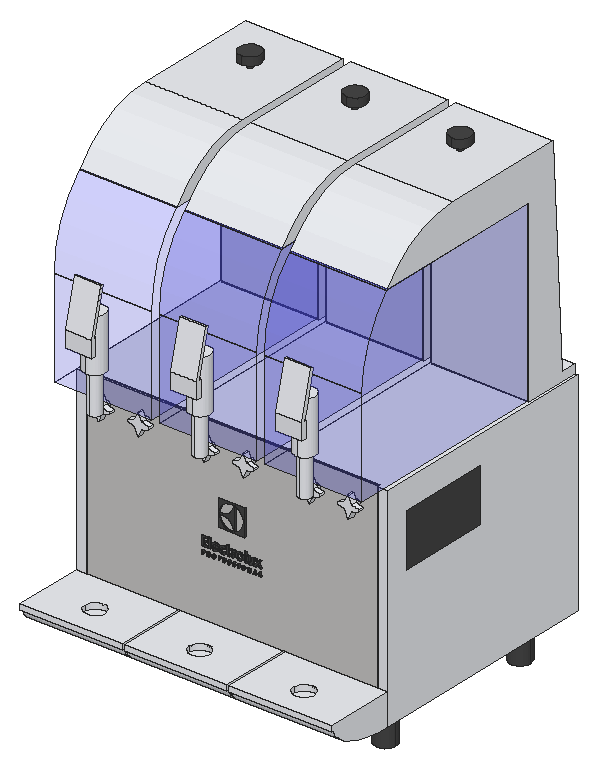
Revit family "QF_ELECTROLUXPROFESSIONAL_562512_IPRO3ER290", category Attrezzature speciali, Revit 2020
Family settings
  Quota connettore circolare = Usa diametro
  Tipo di parte = Normale
  Basato su piano di lavoro = No
  Sempre verticale = Sì
  Taglio con vuoti quando caricato = No
  Condiviso = No
  Punto di calcolo locali = No
Parameters (values of type "Standard")
  Weight = 81.00 kg
  Watts = 1250 W
  Volts = 220 V
  URL Manufacturer = "https://www.electroluxprofessional.com/"
  URL = "https://www.electroluxprofessional.com/"
  Steam Supply Size = 0 mm
  Steam Supply Minimum Pressure = 0.0 Pa
  Steam Supply Maximum Pressure = 0.0 Pa
  Steam Consumption per Hour = 0
  Show Logo [instance] = yes
  Show Clearance [instance] = yes
  Refrigeration Suction Line Size = 0 mm
  Refrigeration Liquid Line Size = 0 mm
  Refrigerant Compressor Remote = yes
  Prospetto di default = 0 mm
  Produttore = "Electrolux Professional"
  Phase = 1
  Modello = "IPRO3ER290"
  Length Actual = 600 mm  # constant formula
  Item Number = "562512"
  Hot Water Size = 0 mm
  Height Actual = 870 mm  # constant formula
  HP = "1.7 HP"
  Gas Size = 0 mm
  Gas KW = 0
  Gas Input Pressure = 0 W
  Direct Waste Size = 0 mm
  Descrizione = "3X11 LT BOWL - FROZEN GRANITA DISPENSER - ELECTRONIC CONTROL - 3 INSULATED BOWLS - WHITE, R290"
  Depth Actual = 580 mm  # constant formula
  Cycle = 50 Hz
  Condensate Return Size = 0 mm
  Compressed Air Volume = 0.0 L/s
  Compressed Air Size = 0 mm
  Compressed Air Pressure = 0.0 Pa
  Cold Water Size = 0 mm
  Accessory = yes
Reference planes
  plane 1: z = 0
  plane 2 "LEFT": x = -300
  plane 3 "BACK": y = 282.5
  plane 4 "FRONT": y = -301.5
  plane 5: z = 873
  plane 6 "RIGHT": x = 300
  plane 7: y = -282.5
  plane 8: z = 445
  plane 9: z = 677.97
  plane 10: z = 110
  plane 11: z = 900
  plane 12: x = -0.5
  plane 13: x = -0.5
Forms (mm)
  Extrusion 1, solid, material "QF_Finishes_White"
    sketch origin (0, 0, 0) x (1, 0, 0) y (0, 1, 0)
      loop
        line (-296.5, 282.5) -> (-296.5, -167.5) -> (-276.5, -167.5) -> (-276.5, -162.5) -> (276.5, -162.5) -> (276.5, -167.5) -> (296.5, -167.5) -> (296.5, 282.5) -> (-296.5, 282.5)
    from 50 to 453
  Extrusion 2, solid, material "QF_Finishes_Stainless Steel"
    sketch origin (0, 0, 0) x (1, 0, 0) y (0, 1, 0)
      loop
        line (276, -163) -> (-276, -163) -> (-276, -167.5) -> (276, -167.5) -> (276, -163)
    from 110 to 453
  Extrusion 3, solid, material "QF_Finishes_Stainless Steel"
    sketch origin (-151.596, -267.273, 48) x (0, -1, 0) y (1, 0, 0)
      loop
        line (-163.023, 407.596) -> (-163.023, 427.596) -> (-183.023, 427.596) -> (-183.023, 407.596) -> (-163.023, 407.596)
    from 0 to 2
Dimensions and locks
  plane 3 "BACK" to plane 4 "FRONT" = 584 mm  (x2)
  plane 5 to level = 873 mm  (x2)
  plane 2 "LEFT" to plane 6 "RIGHT" = 600 mm
  plane 3 "BACK" to plane 7 = 565 mm
  plane 9 to plane 8 = 232.97 mm
  level to plane 11 = 900 mm
  plane 10 to level = 110 mm
  plane 8 to plane 10 = 335 mm
  plane 6 "RIGHT" to plane 2 "LEFT" = 600 mm
  plane 2 "LEFT" to plane 12 = 299.5 mm
  plane 2 "LEFT" to plane 13 = 299.5 mm
  nested 5 to nested 9 = 200 mm
  nested 9 to nested 17 = 200 mm
  aligned and locked: level to plane 1
Nested families
  nested 1: "BOCCHETTONE BEVERAGE" at (-200.5, -260.625, 445), type "BOCCHETTONE BEVERAGE"
  nested 2: "MANOPOLA BEVERAGE" at (-238, -167.5, 413) x (0, 0, 1) z (0, -1, 0), type "MANOPOLA BEVERAGE"
  nested 3: "MANOPOLA BEVERAGE" at (-163, -167.5, 413) x (0, 0, 1) z (0, -1, 0), type "MANOPOLA BEVERAGE"
  nested 4: "MANOPOLA APERTURA BEVERAGE " at (-200.5, 125, 873) x (0, 1, 0) z (0, 0, 1), type "MANOPOLA APERTURA BEVERAGE "
  nested 5: "PORTAGRANITE BEVERAGE" at (-200.5, 28.972, 453), type "PORTAGRANITE BEVERAGE"
  nested 6: "VASCHETTA BEVERAGE" at (-199.25, -167.5, 80) x (1, 0, 0) z (0, -1, 0), type "VASCHETTA BEVERAGE"
  nested 7: "VASCHETTA BEVERAGE" at (-0.5, -167.5, 80) x (-1, 0, 0) z (0, -1, 0), type "VASCHETTA BEVERAGE"
  nested 8: "MANOPOLA APERTURA BEVERAGE " at (-0.5, 125, 873) x (0, 1, 0) z (0, 0, 1), type "MANOPOLA APERTURA BEVERAGE "
  nested 9: "PORTAGRANITE BEVERAGE" at (-0.5, 28.972, 453) x (-1, 0, 0) z (0, 0, 1), type "PORTAGRANITE BEVERAGE"
  nested 10: "BOCCHETTONE BEVERAGE" at (-0.5, -260.625, 445), type "BOCCHETTONE BEVERAGE"
  nested 11: "MANOPOLA BEVERAGE" at (-38, -167.5, 413) x (0, 0, 1) z (0, -1, 0), type "MANOPOLA BEVERAGE"
  nested 12: "MANOPOLA BEVERAGE" at (37, -167.5, 413) x (0, 0, 1) z (0, -1, 0), type "MANOPOLA BEVERAGE"
  nested 13: "BOCCHETTONE BEVERAGE" at (199.5, -260.625, 445) x (-1, 0, 0) z (0, 0, 1), type "BOCCHETTONE BEVERAGE"
  nested 14: "MANOPOLA BEVERAGE" at (237, -167.5, 413) x (0, 0, 1) z (0, -1, 0), type "MANOPOLA BEVERAGE"
  nested 15: "MANOPOLA BEVERAGE" at (162, -167.5, 413) x (0, 0, 1) z (0, -1, 0), type "MANOPOLA BEVERAGE"
  nested 16: "MANOPOLA APERTURA BEVERAGE " at (199.5, 125, 873) x (0, 1, 0) z (0, 0, 1), type "MANOPOLA APERTURA BEVERAGE "
  nested 17: "PORTAGRANITE BEVERAGE" at (199.5, 28.972, 453) x (-1, 0, 0) z (0, 0, 1), type "PORTAGRANITE BEVERAGE"
  nested 18: "VASCHETTA BEVERAGE" at (198.25, -167.5, 80) x (-1, 0, 0) z (0, -1, 0), type "VASCHETTA BEVERAGE"
  nested 19: "ELXP_LOGO_ONLY_MEDIUM" at (-0.5, -167.5, 303) x (1, 0, 0) z (0, -1, 0), Show Logo <- "Show Logo", visible <- "Show Logo", type "ELXP_LOGO_ONLY_MEDIUM"
    with Show Logo yes
  nested 20: "ELX_LOGO_WORDS_MEDIUM" at (-0.5, -167.5, 238) x (1, 0, 0) z (0, -1, 0), visible <- "Show Logo", Show Logo <- "Show Logo", type "ELX_LOGO_WORDS_MEDIUM"
    with Show Logo yes
  nested 21: "Piedino 50x40 BEVERAGE" at (-266, 184.5, 0), type "Piedino 50x40 BEVERAGE"
    with H 150 mm
  nested 22: "Piedino 50x40 BEVERAGE" at (-266, -135.5, 0), type "Piedino 50x40 BEVERAGE"
    with H 150 mm
  nested 23: "Piedino 50x40 BEVERAGE" at (266, 184.5, 0), type "Piedino 50x40 BEVERAGE"
    with H 150 mm
  nested 24: "Piedino 50x40 BEVERAGE" at (266, -135.5, 0), type "Piedino 50x40 BEVERAGE"
    with H 150 mm
  nested 25: "SCHERMO BEVERAGE" at (296.5, -38, 350) x (0, -1, 0) z (1, 0, 0), type "SCHERMO BEVERAGE"
    with Show Logo yes
Connectors
  electrical at (266, -94.25, 48), driven by "Volts"
    settings: on Extrusion 3, index 73, voltage 220 V, apparent load 0 VA, apparent load phase1 0 VA, apparent load phase2 0 VA, apparent load phase3 0 VA, power factor 1, load classification "Altro", number of poles 1, system type 30, power factor state 1, is connector primary yes, connector utility no, sub classification motor no, connector description "Electrical Connection"
Definition of nested family "BOCCHETTONE BEVERAGE"
  Parameters (values of type "BOCCHETTONE BEVERAGE")
    Default Elevation = 1219.2 mm
  Reference planes
    plane 1 "Centro (Fronte/Retro)": y = 0
    plane 2: z = 0
    plane 3 "Centro (Sinistra/Destra)": x = 0
    plane 4: z = 233
    plane 5: y = -22
  Forms (mm)
    Extrusion 1, solid
      sketch origin (0, 0, 0) x (1, 0, 0) y (0, 1, 0)
        loop
          line (-1219.2, 1219.2) -> (-1219.2, -1219.2) -> (1219.2, -1219.2) -> (1219.2, 1219.2) -> (-1219.2, 1219.2)
      from 0 to -304.8
    Extrusion 2, solid
      sketch origin (0, 15.961, 0) x (0, -1, 0) y (1, 0, 0)
        loop
          circle (0, 0) r 12
      from 0 to 75
    Extrusion 3, solid
      sketch origin (0, 15.961, 75) x (0, -1, 0) y (1, 0, 0)
        loop
          circle (0, 0) r 20
      from 0 to 100
    Extrusion 4, void
      sketch origin (0, 0, 0) x (1, 0, 0) y (0, 1, 0)
        loop
          line (-27.179, -16.141) -> (-21.226, -10.188) -> (-6.226, -10.188) -> (-6.226, 12.684) -> (-27.179, 12.684) -> (-27.179, -16.141)
        loop
          line (27.179, -16.141) -> (27.179, 12.684) -> (6.226, 12.684) -> (6.226, -10.188) -> (21.226, -10.188) -> (27.179, -16.141)
      from 104.337 to 159.894
    Extrusion 5, solid
      sketch origin (25, 15.961, 29.221) x (0, -1, 0) y (0, 0, 1)
        loop
          line (11.922, 118.779) -> (11.922, 88.779) -> (37.961, 88.779) -> (37.961, 119.393) -> (16.929, 203.749) -> (12.077, 202.539) -> (32.961, 118.779) -> (11.922, 118.779)
      from 0 to 50
  Cuts and joins
    Extrusion 4 cuts Extrusion 5
    joined: Extrusion 3, Extrusion 5
  Dimensions and locks
    Extrusion 1 to plane 4 = 233 mm
    aligned and locked: plane 2 to Extrusion 1
    aligned and locked: level to Extrusion 1
Definition of nested family "MANOPOLA BEVERAGE"
  Parameters (values of type "MANOPOLA BEVERAGE")
    Default Elevation = 1219.2 mm
  Reference planes
    plane 1 "Centro (Fronte/Retro)": y = 0
    plane 2: z = 0
    plane 3 "Centro (Sinistra/Destra)": x = 0
    plane 4: z = 20
  Forms (mm)
    Extrusion 1, solid
      sketch origin (0, 0, 0) x (1, 0, 0) y (0, 1, 0)
        loop
          line (-1219.2, 1219.2) -> (-1219.2, -1219.2) -> (1219.2, -1219.2) -> (1219.2, 1219.2) -> (-1219.2, 1219.2)
      from 0 to -304.8
    Extrusion 2, solid
      sketch origin (0, 0, 10) x (1, 0, 0) y (0, 1, 0)
        loop
          line (-20, -1.333) -> (-6.314, -6.314) -> (-1.333, -20) -> (1.333, -20) -> (6.314, -6.314) -> (20, -1.333) -> (20, 1.333) -> (6.314, 6.314) -> (1.333, 20) -> (-1.333, 20) -> (-6.314, 6.314) -> (-20, 1.333) -> (-20, -1.333)
      from 0 to 10
    Extrusion 3, solid
      sketch origin (0, 0, 0) x (1, 0, 0) y (0, 1, 0)
        loop
          circle (0, 0) r 5
      from 0 to 10
  Dimensions and locks
    aligned and locked: plane 2 to Extrusion 1
    aligned and locked: level to Extrusion 1
Definition of nested family "MANOPOLA APERTURA BEVERAGE "
  Parameters (values of type "MANOPOLA APERTURA BEVERAGE ")
    Default Elevation = 1219.2 mm
  Reference planes
    plane 1 "Centro (Fronte/Retro)": y = 0
    plane 2: z = 0
    plane 3 "Centro (Sinistra/Destra)": x = 0
    plane 4: z = 27
  Forms (mm)
    Extrusion 1, solid
      sketch origin (0, 0, 0) x (1, 0, 0) y (0, 1, 0)
        loop
          line (-1219.2, 1219.2) -> (-1219.2, -1219.2) -> (1219.2, -1219.2) -> (1219.2, 1219.2) -> (-1219.2, 1219.2)
      from 0 to -304.8
    Extrusion 2, solid
      sketch origin (0, 0, 0) x (1, 0, 0) y (0, 1, 0)
        loop
          circle (0, 0) r 5
      from 0 to 12
    Extrusion 3, solid
      sketch origin (0, 0, 12) x (1, 0, 0) y (0, 1, 0)
        loop
          circle (0, 0) r 20
      from 0 to 15
  Dimensions and locks
    Extrusion 1 to plane 4 = 27 mm
    aligned and locked: plane 2 to Extrusion 1
    aligned and locked: level to Extrusion 1
Definition of nested family "PORTAGRANITE BEVERAGE"
  Parameters (values of type "PORTAGRANITE BEVERAGE")
    Default Elevation = 1219.2 mm
  Reference planes
    plane 1 "Centro (Fronte/Retro)": y = 0
    plane 2: z = 0
    plane 3 "Centro (Sinistra/Destra)": x = 0
    plane 4: z = 233
    plane 5: y = -36.472
    plane 6: z = 338
  Forms (mm)
    Extrusion 1, solid
      sketch origin (0, 0, 0) x (1, 0, 0) y (0, 1, 0)
        loop
          line (-1219.2, 1219.2) -> (-1219.2, -1219.2) -> (1219.2, -1219.2) -> (1219.2, 1219.2) -> (-1219.2, 1219.2)
      from 0 to -304.8
    Extrusion 2, solid
      sketch origin (-92.5, -28.972, -376) x (0, 1, 0) y (0, 0, 1)
        loop
          line (172.5, 716) -> (172.5, 376) -> (282.5, 376) -> (282.5, 393) -> (251.241, 393) -> (230.12, 796) -> (-7.5, 796)
          arc (-7.5, 796) -> (-94.678, 774.819) -> (-162.419, 716) r 190
          line (-162.419, 716) -> (172.5, 716)
      from 0 to 185
    Extrusion 3, solid
      sketch origin (-100, -28.972, -376) x (0, 1, 0) y (0, 0, 1)
        loop
          line (170.5, 378) -> (170.5, 714) -> (-164.355, 714)
          arc (-164.355, 714) -> (-209.023, 644.734) -> (-224.664, 563.812) r 217.164
          line (-224.664, 563.812) -> (-224.664, 378) -> (170.5, 378)
      from 7.5 to 192.5
  Dimensions and locks
    Extrusion 1 to plane 4 = 233 mm
    aligned and locked: plane 2 to Extrusion 1
    aligned and locked: level to Extrusion 1
Definition of nested family "VASCHETTA BEVERAGE"
  Parameters (values of type "VASCHETTA BEVERAGE")
    Default Elevation = 1219.2 mm
  Reference planes
    plane 1 "Centro (Fronte/Retro)": y = 0
    plane 2: z = 0
    plane 3 "Centro (Sinistra/Destra)": x = 0
  Forms (mm)
    Extrusion 1, solid
      sketch origin (0, 0, 0) x (1, 0, 0) y (0, 1, 0)
        loop
          line (-1219.2, 1219.2) -> (-1219.2, -1219.2) -> (1219.2, -1219.2) -> (1219.2, 1219.2) -> (-1219.2, 1219.2)
      from 0 to -304.8
    Extrusion 2, solid
      sketch origin (-97.5, -80, -167.5) x (0, 0, -1) y (0, 1, 0)
        loop
          line (-167.5, 110) -> (-301.5, 110) -> (-301.5, 100) -> (-296.403, 100)
          spline (-296.403, 100) -> (-294.717, 93.399) -> (-290.961, 86.937) -> (-285.195, 80.722) -> (-277.513, 74.853) -> (-268.041, 69.426) -> (-256.932, 64.529) -> (-244.367, 60.243) -> (-230.551, 56.637) -> (-215.709, 53.769) -> (-200.082, 51.686) -> (-183.925, 50.423) -> (-167.5, 50)
          line (-167.5, 50) -> (-167.5, 110)
      from 0 to 195
    Extrusion 3, void
      sketch origin (202.5, -80, -167.5) x (1, 0, 0) y (0, 0, -1)
        loop
          circle (-202.5, -244.664) r 20
      from 100 to 110
  Cuts and joins
    Extrusion 3 cuts Extrusion 2
  Dimensions and locks
    aligned and locked: plane 2 to Extrusion 1
    aligned and locked: level to Extrusion 1
Definition of nested family "ELXP_LOGO_ONLY_MEDIUM"
  Parameters (values of type "ELXP_LOGO_ONLY_MEDIUM")
    Show Logo [instance] = yes
    Default Elevation = 0 mm
  Reference planes
    plane 1 "Centro (Fronte/Retro)": y = 0
    plane 2: z = 0
    plane 3 "Centro (Sinistra/Destra)": x = 0
  Forms (mm)
    Extrusion 1, solid
      sketch origin (0, 0, 0) x (1, 0, 0) y (0, 1, 0)
        loop
          line (-1219.2, 1219.2) -> (-1219.2, -1219.2) -> (1219.2, -1219.2) -> (1219.2, 1219.2) -> (-1219.2, 1219.2)
      from 0 to -304.8
    Extrusion 2, solid, visible <- "Show Logo"
      sketch origin (15.862, -72.798, 0) x (1, 0, 0) y (0, 1, 0)
        loop
          line (-40.901, 47.952) -> (9.138, 47.952) -> (9.138, 97.923) -> (-40.901, 97.923) -> (-40.901, 47.952)
        loop
          line (-9.2, 95.47) -> (-9.2, 50.507)
          arc (-9.2, 50.507) -> (7.421, 72.988) -> (-9.2, 95.47) r 23.515
        loop
          line (-11.486, 92.214) -> (-11.486, 95.47)
          arc (-11.486, 95.47) -> (-30.185, 91.22) -> (-39.194, 74.292) r 23.044
          line (-39.194, 74.292) -> (-31.756, 74.292)
          arc (-31.756, 74.292) -> (-18.467, 79.686) -> (-11.486, 92.214) r 21.599
        loop
          arc (-39.194, 71.685) -> (-30.2, 54.618) -> (-11.486, 49.93) r 23.647
          line (-11.486, 49.93) -> (-11.486, 53.763)
          arc (-11.486, 53.763) -> (-18.467, 66.291) -> (-31.756, 71.685) r 21.599
          line (-31.756, 71.685) -> (-39.194, 71.685)
      from 0 to 1.644
  Dimensions and locks
    aligned and locked: plane 2 to Extrusion 1
    aligned and locked: level to Extrusion 1
Definition of nested family "ELX_LOGO_WORDS_MEDIUM"
  Parameters (values of type "ELX_LOGO_WORDS_MEDIUM")
    Show Logo [instance] = yes
    Default Elevation = 0 mm
  Reference planes
    plane 1 "Centro (Fronte/Retro)": y = 0
    plane 2: z = 0
    plane 3 "Centro (Sinistra/Destra)": x = 0
  Forms (mm)
    Extrusion 1, solid
      sketch origin (0, 0, 0) x (1, 0, 0) y (0, 1, 0)
        loop
          line (-1219.2, 1219.2) -> (-1219.2, -1219.2) -> (1219.2, -1219.2) -> (1219.2, 1219.2) -> (-1219.2, 1219.2)
      from 0 to -304.8
    Extrusion 2, solid, visible <- "Show Logo"
      sketch origin (0, 0, 0) x (1, 0, 0) y (0, 1, 0)
        loop
          line (-45.351, 15.842) -> (-56.505, 15.842) -> (-56.505, 2.853)
          arc (-56.505, 2.853) -> (-55.037, -0.691) -> (-51.493, -2.159) r 5.012
          line (-51.493, -2.159) -> (-45.135, -2.159) -> (-45.135, 0.755) -> (-50.767, 0.755)
          arc (-50.767, 0.755) -> (-52.618, 1.38) -> (-53.406, 3.168) r 2.423
          line (-53.406, 3.168) -> (-53.406, 5.743) -> (-45.833, 5.743) -> (-45.833, 8.668) -> (-53.406, 8.668) -> (-53.406, 12.925) -> (-45.351, 12.925) -> (-45.351, 15.842)
        loop
          line (-42.933, 15.842) -> (-42.933, -2.159) -> (-39.832, -2.159) -> (-39.832, 15.842) -> (-42.933, 15.842)
        loop
          line (24.405, 15.842) -> (24.405, -2.159) -> (27.508, -2.159) -> (27.508, 15.842) -> (24.405, 15.842)
        loop
          line (-34.705, 3.589) -> (-24.531, 3.589)
          arc (-24.531, 3.589) -> (-26.123, 9.178) -> (-31.565, 11.217) r 6.447
          arc (-31.565, 11.217) -> (-36.358, 8.786) -> (-37.726, 3.589) r 6.56
          arc (-37.726, 3.589) -> (-35.926, -0.757) -> (-31.58, -2.557) r 6.146
          arc (-31.58, -2.557) -> (-28.198, -2.058) -> (-25.362, -0.149) r 7.726
          line (-25.362, -0.149) -> (-27.199, 1.688)
          arc (-27.199, 1.688) -> (-29.61, 0.242) -> (-32.411, 0.485) r 4.558
          arc (-32.411, 0.485) -> (-34.119, 1.622) -> (-34.705, 3.589) r 3.019
        loop
          line (-34.628, 5.769) -> (-27.646, 5.769)
          arc (-27.646, 5.769) -> (-28.626, 7.83) -> (-30.779, 8.59) r 2.974
          arc (-30.779, 8.59) -> (-33.263, 7.943) -> (-34.628, 5.769) r 3.481
        loop
          line (-12.445, 7.067) -> (-10.499, 9.013)
          arc (-10.499, 9.013) -> (-12.94, 10.78) -> (-15.907, 11.309) r 6.746
          arc (-15.907, 11.309) -> (-20.432, 9.655) -> (-22.806, 5.463) r 6.977
          arc (-22.806, 5.463) -> (-18.803, -1.885) -> (-10.608, -0.191) r 7.026
          line (-10.608, -0.191) -> (-12.544, 1.745)
          arc (-12.544, 1.745) -> (-16.723, 0.362) -> (-19.717, 3.589) r 4.071
          arc (-19.717, 3.589) -> (-19.509, 6.14) -> (-17.752, 8.002) r 3.867
          arc (-17.752, 8.002) -> (-14.941, 8.431) -> (-12.445, 7.067) r 4.442
        loop
          line (-8.594, 15.842) -> (-8.594, 3.541)
          arc (-8.594, 3.541) -> (-8.326, 1.695) -> (-7.635, -0.038) r 7.951
          arc (-7.635, -0.038) -> (-5.422, -1.797) -> (-2.62, -2.167) r 5.297
          line (-2.62, -2.167) -> (-2.62, 0.738)
          arc (-2.62, 0.738) -> (-3.453, 0.802) -> (-4.23, 1.109) r 2.792
          arc (-4.23, 1.109) -> (-5.227, 2.163) -> (-5.494, 3.589) r 2.57
          line (-5.494, 3.589) -> (-5.494, 8.043) -> (-2.678, 8.043) -> (-2.678, 10.86) -> (-5.494, 10.86) -> (-5.494, 15.842) -> (-8.594, 15.842)
        loop
          arc (3.006, 4.684) -> (3.228, 5.982) -> (3.868, 7.133) r 3.911
          arc (3.868, 7.133) -> (5.725, 8.086) -> (7.812, 8.043) r 4.26
          line (7.812, 8.043) -> (7.812, 11.023)
          arc (7.812, 11.023) -> (5.085, 10.766) -> (3.006, 8.983) r 4.524
          line (3.006, 8.983) -> (3.006, 10.86) -> (-0.069, 10.86) -> (-0.069, -2.159) -> (3.006, -2.159) -> (3.006, 4.684)
        loop
          circle (15.393, 4.348) r 6.899
        loop
          circle (15.393, 4.348) r 4.181
        loop
          arc (38.69, 3.262) -> (37.924, 1.158) -> (35.848, 0.319) r 2.752
          arc (35.848, 0.319) -> (33.771, 1.158) -> (33.005, 3.262) r 2.752
          line (33.005, 3.262) -> (33.005, 10.859) -> (29.879, 10.859) -> (29.879, 3.004)
          arc (29.879, 3.004) -> (31.658, -1.052) -> (35.848, -2.489) r 5.512
          arc (35.848, -2.489) -> (40.084, -1.008) -> (41.815, 3.132) r 5.512
          line (41.815, 3.132) -> (41.815, 10.859) -> (38.69, 10.859) -> (38.69, 3.262)
        loop
          line (43.689, 10.859) -> (48.192, 4.746) -> (43.245, -2.164) -> (46.578, -2.164) -> (49.861, 2.422) -> (53.193, -2.164) -> (56.505, -2.164) -> (51.629, 4.817) -> (56.087, 10.859) -> (52.703, 10.859) -> (49.851, 6.995) -> (47.043, 10.859) -> (43.689, 10.859)
        loop
          line (-53.813, -9.621) -> (-56.285, -9.621) -> (-56.285, -15.847) -> (-54.932, -15.847) -> (-54.932, -13.703) -> (-53.437, -13.703)
          arc (-53.437, -13.703) -> (-51.764, -11.49) -> (-53.813, -9.621) r 2.058
        loop
          arc (-53.496, -12.48) -> (-52.984, -11.679) -> (-53.496, -10.879) r 0.881
          line (-53.496, -10.879) -> (-54.932, -10.879) -> (-54.932, -12.48) -> (-53.496, -12.48)
        loop
          line (-44.045, -9.621) -> (-46.56, -9.621) -> (-46.56, -15.847) -> (-45.207, -15.847) -> (-45.207, -13.703) -> (-43.898, -13.703) -> (-43.003, -15.847) -> (-41.55, -15.847) -> (-42.774, -13.222)
          arc (-42.774, -13.222) -> (-42.188, -12.521) -> (-41.991, -11.628) r 1.922
          arc (-41.991, -11.628) -> (-42.609, -10.206) -> (-44.045, -9.621) r 2.055
        loop
          line (-45.207, -10.879) -> (-45.207, -12.48) -> (-43.771, -12.48)
          arc (-43.771, -12.48) -> (-43.258, -11.679) -> (-43.771, -10.879) r 0.881
          line (-43.771, -10.879) -> (-45.207, -10.879)
        loop
          circle (-33.602, -12.734) r 3.233
        loop
          circle (-33.602, -12.734) r 2.052
        loop
          line (-25.054, -9.622) -> (-25.054, -15.847) -> (-23.734, -15.847) -> (-23.734, -13.671) -> (-21.392, -13.671) -> (-21.392, -12.276) -> (-23.734, -12.276) -> (-23.734, -10.963) -> (-21.167, -10.963) -> (-21.167, -9.622) -> (-25.054, -9.622)
        loop
          line (-15.917, -9.622) -> (-15.917, -13.825)
          arc (-15.917, -13.825) -> (-15.343, -15.249) -> (-13.926, -15.842) r 1.991
          line (-13.926, -15.842) -> (-11.917, -15.842) -> (-11.917, -14.666) -> (-13.806, -14.666)
          arc (-13.806, -14.666) -> (-14.501, -14.091) -> (-14.638, -13.198) r 1.267
          line (-14.638, -13.198) -> (-12.15, -13.198) -> (-12.15, -12.023) -> (-14.638, -12.023) -> (-14.638, -10.797) -> (-11.977, -10.797) -> (-11.977, -9.622) -> (-15.917, -9.622)
        loop
          arc (6.626, -10.41) -> (5.801, -9.733) -> (4.757, -9.518) r 2.228
          arc (4.757, -9.518) -> (3.792, -9.755) -> (2.999, -10.352) r 2.468
          arc (2.999, -10.352) -> (2.853, -11.766) -> (3.765, -12.856) r 1.825
          arc (3.765, -12.856) -> (4.531, -13.112) -> (5.259, -13.464) r 6.301
          arc (5.259, -13.464) -> (5.719, -14.005) -> (5.402, -14.641) r 0.645
          arc (5.402, -14.641) -> (4.814, -14.78) -> (4.228, -14.631) r 1.269
          arc (4.228, -14.631) -> (3.722, -14.266) -> (3.412, -13.725) r 1.474
          line (3.412, -13.725) -> (2.324, -14.233)
          arc (2.324, -14.233) -> (2.716, -14.99) -> (3.348, -15.561) r 2.393
          arc (3.348, -15.561) -> (4.065, -15.867) -> (4.841, -15.945) r 2.579
          arc (4.841, -15.945) -> (5.8, -15.754) -> (6.664, -15.295) r 3.369
          arc (6.664, -15.295) -> (7.045, -14.28) -> (6.848, -13.214) r 2.023
          arc (6.848, -13.214) -> (6.423, -12.723) -> (5.879, -12.368) r 2.346
          arc (5.879, -12.368) -> (5.19, -12.061) -> (4.485, -11.796) r 12.353
          arc (4.485, -11.796) -> (4.077, -11.162) -> (4.666, -10.692) r 0.562
          arc (4.666, -10.692) -> (5.372, -10.862) -> (5.915, -11.344) r 1.497
          line (5.915, -11.344) -> (6.626, -10.41)
        loop
          line (12.337, -9.622) -> (12.337, -15.842) -> (13.616, -15.842) -> (13.616, -9.622) -> (12.337, -9.622)
        loop
          circle (22.24, -12.732) r 1.935
        loop
          circle (22.24, -12.732) r 3.231
        loop
          line (30.821, -15.842) -> (32.114, -15.842) -> (32.114, -11.931) -> (34.96, -15.842) -> (36.203, -15.842) -> (36.203, -9.622) -> (34.911, -9.622) -> (34.911, -13.651) -> (32.065, -9.622) -> (30.821, -9.622) -> (30.821, -15.842)
        loop
          line (42.652, -15.842) -> (43.258, -14.5) -> (45.559, -14.5) -> (46.165, -15.842) -> (47.54, -15.842) -> (44.912, -9.622) -> (43.712, -9.622) -> (41.279, -15.842) -> (42.652, -15.842)
        loop
          line (44.985, -13.224) -> (44.369, -11.857) -> (43.77, -13.224) -> (44.985, -13.224)
        loop
          line (53.893, -14.666) -> (53.893, -9.622) -> (52.614, -9.622) -> (52.614, -15.842) -> (56.285, -15.842) -> (56.285, -14.666) -> (53.893, -14.666)
        loop
          arc (-2.701, -10.41) -> (-3.525, -9.733) -> (-4.57, -9.518) r 2.228
          arc (-4.57, -9.518) -> (-5.534, -9.755) -> (-6.327, -10.352) r 2.468
          arc (-6.327, -10.352) -> (-6.473, -11.766) -> (-5.562, -12.856) r 1.825
          arc (-5.562, -12.856) -> (-4.795, -13.112) -> (-4.067, -13.464) r 6.301
          arc (-4.067, -13.464) -> (-3.608, -14.005) -> (-3.924, -14.641) r 0.645
          arc (-3.924, -14.641) -> (-4.512, -14.78) -> (-5.098, -14.631) r 1.269
          arc (-5.098, -14.631) -> (-5.604, -14.266) -> (-5.914, -13.725) r 1.474
          line (-5.914, -13.725) -> (-7.002, -14.233)
          arc (-7.002, -14.233) -> (-6.61, -14.99) -> (-5.978, -15.561) r 2.393
          arc (-5.978, -15.561) -> (-5.261, -15.867) -> (-4.485, -15.945) r 2.579
          arc (-4.485, -15.945) -> (-3.526, -15.754) -> (-2.663, -15.295) r 3.369
          arc (-2.663, -15.295) -> (-2.281, -14.28) -> (-2.478, -13.214) r 2.023
          arc (-2.478, -13.214) -> (-2.903, -12.723) -> (-3.448, -12.368) r 2.346
          arc (-3.448, -12.368) -> (-4.136, -12.061) -> (-4.842, -11.796) r 12.353
          arc (-4.842, -11.796) -> (-5.249, -11.162) -> (-4.66, -10.692) r 0.562
          arc (-4.66, -10.692) -> (-3.954, -10.862) -> (-3.412, -11.344) r 1.497
          line (-3.412, -11.344) -> (-2.701, -10.41)
      from 0 to 1.644
  Dimensions and locks
    aligned and locked: plane 2 to Extrusion 1
    aligned and locked: level to Extrusion 1
Definition of nested family "Piedino 50x40 BEVERAGE"
  Parameters (values of type "Piedino 50x40 BEVERAGE")
    Default Elevation = 0 mm
    H [instance] = 150 mm
  Reference planes
    plane 1 "Centro (Fronte/Retro)": y = 0
    plane 2: z = 0
    plane 3 "Centro (Sinistra/Destra)": x = 0
  Forms (mm)
    Revolve 1, solid
      sketch origin (55, 0, 0) x (-1, 0, 0) y (0, 0, -1)
        loop
          line (55, 0) -> (35, 0) -> (35, -50) -> (55, -50) -> (55, 0)
        axis (55, 0) -> (55, -50)
      angle from 0 to 360
  Dimensions and locks
    aligned and locked: level to plane 2
Definition of nested family "SCHERMO BEVERAGE"
  Parameters (values of type "SCHERMO BEVERAGE")
    Show Logo [instance] = yes
    Default Elevation = 1219.2 mm
  Reference planes
    plane 1 "Centro (Fronte/Retro)": y = 0
    plane 2: z = 0
    plane 3 "Centro (Sinistra/Destra)": x = 0
  Forms (mm)
    Extrusion 1, solid
      sketch origin (0, 0, 0) x (1, 0, 0) y (0, 1, 0)
        loop
          line (-1219.2, 1219.2) -> (-1219.2, -1219.2) -> (1219.2, -1219.2) -> (1219.2, 1219.2) -> (-1219.2, 1219.2)
      from 0 to -304.8
    Extrusion 2, solid
      sketch origin (118.389, -572.596, 0) x (-1, 0, 0) y (0, -1, 0)
        loop
          line (205.889, -622.596) -> (205.889, -522.596) -> (30.889, -522.596) -> (30.889, -622.596) -> (205.889, -622.596)
      from 0 to 1
  Dimensions and locks
    aligned and locked: plane 2 to Extrusion 1
    aligned and locked: level to Extrusion 1
